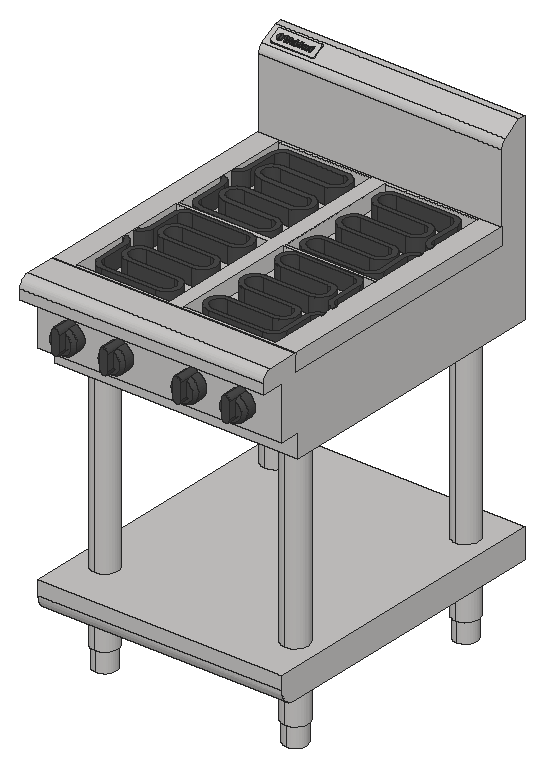
Revit family "QF_MOFFAT WALDORF_RN8400E-LS", category Specialty Equipment, Revit 2012
Parameters
  Weight in Pounds = 163.1419
  Watts = 9600 W
  Volts = 415 V
  URL Cutsheet = "www.moffat.com"
  URL = "www.moffat.com"
  Type Mark [instance] = ""
  Status [instance] = ""
  Specification by User [instance] = ""
  Specification by Manufacturer = ""
  Show Logo [instance] = yes
  Show Casters [instance] = no
  Serial Number = ""
  Seismic Rating = ""
  SMACNA No = ""
  Revision Code [instance] = ""
  Phase = 2
  Omniclass Number and Title = ""
  Number of Poles = 1
  NAFEM Spec ID Number = ""
  Model = "RN8400E-LS"
  Min Ckt Ampacity = 0 A
  Max Overcurrent Protection = 0 A
  Masterspec = ""
  Manufacturer = "MOFFAT WALDORF"
  Legs [instance] = not(Show Casters)  # yes
  Item Number [instance] = ""
  Installed By [instance] = ""
  Identify Quantity as Lot [instance] = yes
  HP = ""
  Furnished By [instance] = ""
  Foodservice Equipment Identifier [instance] = yes
  FL Amps = 20 A
  Elec Conn RI Height = 0 mm
  Elec Conn Connection Height = 0 mm
  Description = "COOK TOP ELECTRIC ON LEG STAND"
  Cycle = 50 Hz
  Conn Plug = ""
  Conn Conduit = yes
  CSI MasterFormat = ""
  CSI Master Format = ""
  Base Height [instance] = 150 mm
  Apparent Power = if(Phase = 3, Volts * FL Amps * 1.73, Volts * FL Amps)  # 8300 VA
Reference planes
  plane 1 "BACK": y = 0
  plane 2: z = 0
  plane 3 "LEFT": x = 0
  plane 4 "RIGHT": x = 600
  plane 5 "FRONT": y = -805
  plane 6 "TOP": z = 1130
  plane 7 "Center Y": x = 300
  plane 8 "Center X": y = -402.5
  plane 9 "Base Height": z = 150
  plane 10: z = 915
  plane 11: x = 65.8
  plane 12: y = -32
  plane 13: z = 710
  plane 14: x = 470
Forms (mm)
  Extrusion 1, solid, material "QF_Finishes_Stainless Steel"
    sketch origin (0, 0, 600) x (0, 1, 0) y (0, 0, 1)
      loop
        line (-805, 291) -> (-805, 266) -> (-749, 266) -> (-749, 135.938) -> (-699, 135.938) -> (-699, 80) -> (0, 80) -> (0, 530) -> (-16.5, 530) -> (-58.709, 505.631)
        arc (-58.709, 505.631) -> (-66.975, 497.365) -> (-70, 486.074) r 22.582
        line (-70, 486.074) -> (-70, 275) -> (-705, 275) -> (-705, 315) -> (-781, 315)
        arc (-781, 315) -> (-797.971, 307.971) -> (-805, 291) r 24
      loop
        line (0, -377.5) -> (-749, -377.5) -> (-749, -412)
        arc (-749, -412) -> (-737.87, -438.87) -> (-711, -450) r 38
        line (-711, -450) -> (0, -450) -> (0, -377.5)
    from 0 to 600
  Revolve 2, solid, material "QF_Finishes_Black"
    sketch origin (210, 0, 600) x (0, -1, 0) y (0, 0, 1)
      loop
        line (782, 229.605) -> (759, 229.605) -> (759, 202.105) -> (749, 202.105) -> (749, 197.105) -> (793, 197.105) -> (793, 223.757) -> (782, 229.605)
      axis (793, 197.105) -> (749, 197.105)
    angle from 0 to 360
  Extrusion 3, solid, material "QF_Finishes_Black"
    sketch origin (71.569, 0, 496.003) x (1, 0, 0) y (0, 0, 1)
      loop
        line (148.431, 289) -> (148.431, 327.997)
        arc (148.431, 327.997) -> (138.431, 337.997) -> (128.431, 327.997) r 10
        line (128.431, 327.997) -> (128.431, 289)
        arc (128.431, 289) -> (138.431, 279) -> (148.431, 289) r 10
    from 759 to 808
  Revolve 4, solid, material "QF_Finishes_Black"
    sketch origin (89.999, 0, 599.873) x (0, 1, 0) y (0, 0, -1)
      loop
        line (-782, -229.5) -> (-759, -229.5) -> (-759, -202) -> (-749, -202) -> (-749, -197) -> (-793, -197) -> (-793, -223.651) -> (-782, -229.5)
      axis (-793, -197) -> (-749, -197)
    angle from 0 to 360
  Extrusion 5, solid, material "QF_Finishes_Black"
    sketch origin (228.269, 0, 600.031) x (-1, 0, 0) y (0, 0, -1)
      loop
        arc (148.269, -184.969) -> (138.269, -174.969) -> (128.269, -184.969) r 10
        line (128.269, -184.969) -> (128.269, -223.969)
        arc (128.269, -223.969) -> (138.269, -233.969) -> (148.269, -223.969) r 10
        line (148.269, -223.969) -> (148.269, -184.969)
    from 759 to 808
  Extrusion 6, solid, material "QF_Finishes_Stainless Steel"
    sketch origin (0, -70, 875) x (0, -1, 0) y (1, 0, 0)
      loop
        line (1, 0) -> (635, 0) -> (635, 600) -> (1, 600) -> (1, 0)
      loop
        line (628.25, 54) -> (628.25, 282.75) -> (321.3, 282.75) -> (321.3, 54) -> (628.25, 54)
      loop
        line (6.75, 54) -> (313.7, 54) -> (313.7, 282.75) -> (6.75, 282.75) -> (6.75, 54)
      loop
        line (6.75, 317.25) -> (313.7, 317.25) -> (313.7, 546) -> (6.75, 546) -> (6.75, 317.25)
      loop
        line (628.25, 317.25) -> (628.25, 546) -> (321.3, 546) -> (321.3, 317.25) -> (628.25, 317.25)
    from 0 to 40
  Extrusion 7, solid, material "QF_Finishes_Black"
    sketch origin (0, -70, 875) x (0, -1, 0) y (1, 0, 0)
      loop
        arc (20.503, 102.138) -> (29.265, 78.692) -> (52.032, 68.293) r 32.731
        line (52.032, 68.293) -> (123.291, 68.293)
        arc (123.291, 68.293) -> (134.915, 64.189) -> (141.853, 54) r 19.786
        line (141.853, 54) -> (154.156, 54)
        arc (154.156, 54) -> (143.507, 72.673) -> (123.41, 80.3) r 31.79
        line (123.41, 80.3) -> (52.272, 80.3)
        arc (52.272, 80.3) -> (37.925, 87.003) -> (32.5, 101.881) r 20.722
        line (32.5, 101.881) -> (32.5, 234.6)
        arc (32.5, 234.6) -> (54.2, 256.3) -> (75.9, 234.6) r 21.7
        line (75.9, 234.6) -> (75.9, 122)
        arc (75.9, 122) -> (109.6, 88.3) -> (143.3, 122) r 33.7
        line (143.3, 122) -> (143.3, 234.6)
        arc (143.3, 234.6) -> (165, 256.3) -> (186.7, 234.6) r 21.7
        line (186.7, 234.6) -> (186.7, 122)
        arc (186.7, 122) -> (220.4, 88.3) -> (254.1, 122) r 33.7
        line (254.1, 122) -> (254.1, 234.6)
        arc (254.1, 234.6) -> (275.8, 256.3) -> (297.5, 234.6) r 21.7
        line (297.5, 234.6) -> (297.5, 101.881)
        arc (297.5, 101.881) -> (292.075, 87.003) -> (277.728, 80.3) r 20.722
        line (277.728, 80.3) -> (206.584, 80.3)
        arc (206.584, 80.3) -> (186.467, 72.659) -> (175.749, 54) r 31.973
        line (175.749, 54) -> (188.064, 54)
        arc (188.064, 54) -> (195.064, 64.184) -> (206.716, 68.3) r 19.973
        line (206.716, 68.3) -> (277.967, 68.3)
        arc (277.967, 68.3) -> (300.725, 78.682) -> (309.5, 102.106) r 32.722
        line (309.5, 102.106) -> (309.5, 234.6)
        arc (309.5, 234.6) -> (275.8, 268.3) -> (242.1, 234.6) r 33.7
        line (242.1, 234.6) -> (242.1, 122)
        arc (242.1, 122) -> (220.4, 100.3) -> (198.7, 122) r 21.7
        line (198.7, 122) -> (198.7, 234.6)
        arc (198.7, 234.6) -> (165, 268.3) -> (131.3, 234.6) r 33.7
        line (131.3, 234.6) -> (131.3, 122)
        arc (131.3, 122) -> (109.6, 100.3) -> (87.9, 122) r 21.7
        line (87.9, 122) -> (87.9, 234.6)
        arc (87.9, 234.6) -> (54.202, 268.298) -> (20.503, 234.6) r 33.698
        line (20.503, 234.6) -> (20.503, 102.138)
      loop
        arc (320.503, 102.138) -> (329.265, 78.692) -> (352.032, 68.293) r 32.731
        line (352.032, 68.293) -> (423.291, 68.293)
        arc (423.291, 68.293) -> (434.915, 64.189) -> (441.853, 54) r 19.786
        line (441.853, 54) -> (454.156, 54)
        arc (454.156, 54) -> (443.507, 72.673) -> (423.41, 80.3) r 31.79
        line (423.41, 80.3) -> (352.272, 80.3)
        arc (352.272, 80.3) -> (337.925, 87.003) -> (332.5, 101.881) r 20.722
        line (332.5, 101.881) -> (332.5, 234.6)
        arc (332.5, 234.6) -> (354.2, 256.3) -> (375.9, 234.6) r 21.7
        line (375.9, 234.6) -> (375.9, 122)
        arc (375.9, 122) -> (409.6, 88.3) -> (443.3, 122) r 33.7
        line (443.3, 122) -> (443.3, 234.6)
        arc (443.3, 234.6) -> (465, 256.3) -> (486.7, 234.6) r 21.7
        line (486.7, 234.6) -> (486.7, 122)
        arc (486.7, 122) -> (520.4, 88.3) -> (554.1, 122) r 33.7
        line (554.1, 122) -> (554.1, 234.6)
        arc (554.1, 234.6) -> (575.8, 256.3) -> (597.5, 234.6) r 21.7
        line (597.5, 234.6) -> (597.5, 101.881)
        arc (597.5, 101.881) -> (592.075, 87.003) -> (577.728, 80.3) r 20.722
        line (577.728, 80.3) -> (506.584, 80.3)
        arc (506.584, 80.3) -> (486.467, 72.659) -> (475.749, 54) r 31.973
        line (475.749, 54) -> (488.064, 54)
        arc (488.064, 54) -> (495.064, 64.184) -> (506.716, 68.3) r 19.973
        line (506.716, 68.3) -> (577.967, 68.3)
        arc (577.967, 68.3) -> (600.725, 78.682) -> (609.5, 102.106) r 32.722
        line (609.5, 102.106) -> (609.5, 234.6)
        arc (609.5, 234.6) -> (575.8, 268.3) -> (542.1, 234.6) r 33.7
        line (542.1, 234.6) -> (542.1, 122)
        arc (542.1, 122) -> (520.4, 100.3) -> (498.7, 122) r 21.7
        line (498.7, 122) -> (498.7, 234.6)
        arc (498.7, 234.6) -> (465, 268.3) -> (431.3, 234.6) r 33.7
        line (431.3, 234.6) -> (431.3, 122)
        arc (431.3, 122) -> (409.6, 100.3) -> (387.9, 122) r 21.7
        line (387.9, 122) -> (387.9, 234.6)
        arc (387.9, 234.6) -> (354.202, 268.298) -> (320.503, 234.6) r 33.698
        line (320.503, 234.6) -> (320.503, 102.138)
      loop
        line (20.503, 497.862) -> (20.503, 365.4)
        arc (20.503, 365.4) -> (54.202, 331.702) -> (87.9, 365.4) r 33.698
        line (87.9, 365.4) -> (87.9, 478)
        arc (87.9, 478) -> (109.6, 499.7) -> (131.3, 478) r 21.7
        line (131.3, 478) -> (131.3, 365.4)
        arc (131.3, 365.4) -> (165, 331.7) -> (198.7, 365.4) r 33.7
        line (198.7, 365.4) -> (198.7, 478)
        arc (198.7, 478) -> (220.4, 499.7) -> (242.1, 478) r 21.7
        line (242.1, 478) -> (242.1, 365.4)
        arc (242.1, 365.4) -> (275.8, 331.7) -> (309.5, 365.4) r 33.7
        line (309.5, 365.4) -> (309.5, 497.894)
        arc (309.5, 497.894) -> (300.725, 521.318) -> (277.967, 531.7) r 32.722
        line (277.967, 531.7) -> (206.716, 531.7)
        arc (206.716, 531.7) -> (195.064, 535.816) -> (188.064, 546) r 19.973
        line (188.064, 546) -> (175.749, 546)
        arc (175.749, 546) -> (186.467, 527.341) -> (206.584, 519.7) r 31.973
        line (206.584, 519.7) -> (277.728, 519.7)
        arc (277.728, 519.7) -> (292.075, 512.997) -> (297.5, 498.119) r 20.722
        line (297.5, 498.119) -> (297.5, 365.4)
        arc (297.5, 365.4) -> (275.8, 343.7) -> (254.1, 365.4) r 21.7
        line (254.1, 365.4) -> (254.1, 478)
        arc (254.1, 478) -> (220.4, 511.7) -> (186.7, 478) r 33.7
        line (186.7, 478) -> (186.7, 365.4)
        arc (186.7, 365.4) -> (165, 343.7) -> (143.3, 365.4) r 21.7
        line (143.3, 365.4) -> (143.3, 478)
        arc (143.3, 478) -> (109.6, 511.7) -> (75.9, 478) r 33.7
        line (75.9, 478) -> (75.9, 365.4)
        arc (75.9, 365.4) -> (54.2, 343.7) -> (32.5, 365.4) r 21.7
        line (32.5, 365.4) -> (32.5, 498.119)
        arc (32.5, 498.119) -> (37.925, 512.997) -> (52.272, 519.7) r 20.722
        line (52.272, 519.7) -> (123.41, 519.7)
        arc (123.41, 519.7) -> (143.507, 527.327) -> (154.156, 546) r 31.79
        line (154.156, 546) -> (141.853, 546)
        arc (141.853, 546) -> (134.915, 535.811) -> (123.291, 531.707) r 19.786
        line (123.291, 531.707) -> (52.032, 531.707)
        arc (52.032, 531.707) -> (29.265, 521.308) -> (20.503, 497.862) r 32.731
      loop
        line (320.503, 497.862) -> (320.503, 365.4)
        arc (320.503, 365.4) -> (354.202, 331.702) -> (387.9, 365.4) r 33.698
        line (387.9, 365.4) -> (387.9, 478)
        arc (387.9, 478) -> (409.6, 499.7) -> (431.3, 478) r 21.7
        line (431.3, 478) -> (431.3, 365.4)
        arc (431.3, 365.4) -> (465, 331.7) -> (498.7, 365.4) r 33.7
        line (498.7, 365.4) -> (498.7, 478)
        arc (498.7, 478) -> (520.4, 499.7) -> (542.1, 478) r 21.7
        line (542.1, 478) -> (542.1, 365.4)
        arc (542.1, 365.4) -> (575.8, 331.7) -> (609.5, 365.4) r 33.7
        line (609.5, 365.4) -> (609.5, 497.894)
        arc (609.5, 497.894) -> (600.725, 521.318) -> (577.967, 531.7) r 32.722
        line (577.967, 531.7) -> (506.716, 531.7)
        arc (506.716, 531.7) -> (495.064, 535.816) -> (488.064, 546) r 19.973
        line (488.064, 546) -> (475.749, 546)
        arc (475.749, 546) -> (486.467, 527.341) -> (506.584, 519.7) r 31.973
        line (506.584, 519.7) -> (577.728, 519.7)
        arc (577.728, 519.7) -> (592.075, 512.997) -> (597.5, 498.119) r 20.722
        line (597.5, 498.119) -> (597.5, 365.4)
        arc (597.5, 365.4) -> (575.8, 343.7) -> (554.1, 365.4) r 21.7
        line (554.1, 365.4) -> (554.1, 478)
        arc (554.1, 478) -> (520.4, 511.7) -> (486.7, 478) r 33.7
        line (486.7, 478) -> (486.7, 365.4)
        arc (486.7, 365.4) -> (465, 343.7) -> (443.3, 365.4) r 21.7
        line (443.3, 365.4) -> (443.3, 478)
        arc (443.3, 478) -> (409.6, 511.7) -> (375.9, 478) r 33.7
        line (375.9, 478) -> (375.9, 365.4)
        arc (375.9, 365.4) -> (354.2, 343.7) -> (332.5, 365.4) r 21.7
        line (332.5, 365.4) -> (332.5, 498.119)
        arc (332.5, 498.119) -> (337.925, 512.997) -> (352.272, 519.7) r 20.722
        line (352.272, 519.7) -> (423.41, 519.7)
        arc (423.41, 519.7) -> (443.507, 527.327) -> (454.156, 546) r 31.79
        line (454.156, 546) -> (441.853, 546)
        arc (441.853, 546) -> (434.915, 535.811) -> (423.291, 531.707) r 19.786
        line (423.291, 531.707) -> (352.032, 531.707)
        arc (352.032, 531.707) -> (329.265, 521.308) -> (320.503, 497.862) r 32.731
    from 0 to 40
  Revolve 8, solid, material "QF_Finishes_Black"
    sketch origin (510, 0, 600) x (0, -1, 0) y (0, 0, 1)
      loop
        line (782, 229.605) -> (759, 229.605) -> (759, 202.105) -> (749, 202.105) -> (749, 197.105) -> (793, 197.105) -> (793, 223.757) -> (782, 229.605)
      axis (793, 197.105) -> (749, 197.105)
    angle from 0 to 360
  Extrusion 9, solid, material "QF_Finishes_Black"
    sketch origin (371.569, 0, 496.003) x (1, 0, 0) y (0, 0, 1)
      loop
        line (148.431, 289) -> (148.431, 327.997)
        arc (148.431, 327.997) -> (138.431, 337.997) -> (128.431, 327.997) r 10
        line (128.431, 327.997) -> (128.431, 289)
        arc (128.431, 289) -> (138.431, 279) -> (148.431, 289) r 10
    from 759 to 808
  Revolve 10, solid, material "QF_Finishes_Black"
    sketch origin (389.999, 0, 599.873) x (0, 1, 0) y (0, 0, -1)
      loop
        line (-782, -229.5) -> (-759, -229.5) -> (-759, -202) -> (-749, -202) -> (-749, -197) -> (-793, -197) -> (-793, -223.651) -> (-782, -229.5)
      axis (-793, -197) -> (-749, -197)
    angle from 0 to 360
  Extrusion 11, solid, material "QF_Finishes_Black"
    sketch origin (528.269, 0, 600.031) x (-1, 0, 0) y (0, 0, -1)
      loop
        arc (148.269, -184.969) -> (138.269, -174.969) -> (128.269, -184.969) r 10
        line (128.269, -184.969) -> (128.269, -223.969)
        arc (128.269, -223.969) -> (138.269, -233.969) -> (148.269, -223.969) r 10
        line (148.269, -223.969) -> (148.269, -184.969)
    from 759 to 808
  Extrusion 12, solid, material "QF_Finishes_Stainless Steel"
    sketch origin (0, 0, 222.5) x (0, -1, 0) y (1, 0, 0)
      loop
        circle (100, 65) r 31.75
      loop
        circle (625, 65) r 31.75
      loop
        circle (100, 535) r 31.75
      loop
        circle (625, 535) r 31.75
    from 0 to 457.5
  Revolve 13, solid, material "QF_Finishes_Stainless Steel", visible <- "Legs"
    sketch origin (65, -165, 0) x (0, 1, 0) y (0, 0, 1)
      loop
        line (33.25, 150) -> (33.25, 50) -> (37.5, 50) -> (37.5, 0) -> (65, 0) -> (65, 150) -> (33.25, 150)
      axis (65, 150) -> (65, 0)
    angle from 0 to 360
  Revolve 14, solid, material "QF_Finishes_Stainless Steel"
    sketch origin (65, -735, 0) x (0, 1, 0) y (0, 0, 1)
      loop
        line (78.25, 150) -> (78.25, 50) -> (82.5, 50) -> (82.5, 0) -> (110, 0) -> (110, 150) -> (78.25, 150)
      axis (110, 150) -> (110, 0)
    angle from 0 to 360
  Revolve 15, solid, material "QF_Finishes_Stainless Steel", visible <- "Legs"
    sketch origin (535, -165, 0) x (0, 1, 0) y (0, 0, -1)
      loop
        line (33.25, -150) -> (65, -150) -> (65, 0) -> (37.5, 0) -> (37.5, -50) -> (33.25, -50) -> (33.25, -150)
      axis (65, -150) -> (65, 0)
    angle from 0 to 360
  Revolve 16, solid, material "QF_Finishes_Stainless Steel"
    sketch origin (535, -735, 0) x (0, 1, 0) y (0, 0, -1)
      loop
        line (78.25, -150) -> (110, -150) -> (110, 0) -> (82.5, 0) -> (82.5, -50) -> (78.25, -50) -> (78.25, -150)
      axis (110, -150) -> (110, 0)
    angle from 0 to 360
  Extrusion 17, void
    sketch origin (0, 0, 680) x (-1, 0, 0) y (0, 1, 0)
      loop
        circle (-470, -32) r 6.35
    from -30 to 12.949
Cuts and joins
  Extrusion 17 cuts Extrusion 1
Lines and regions (mm)
  Split face 1
    outline origin (22.5, -19.748, 1128.125) x (0, -0.866025, -0.5) y (1, 0, 0)
      loop
        line (1.427, 105.5) -> (35.836, 105.5) -> (35.836, 125.5) -> (1.427, 125.5) -> (1.427, 105.5)
  Split face 2
    outline origin (49.289, -19.748, 1128.125) x (0, -0.866025, -0.5) y (1, 0, 0)
      loop
        line (1.427, 105.5) -> (35.836, 105.5) -> (35.836, 125.5) -> (1.427, 125.5) -> (1.427, 105.5)
  Split face 3
    outline origin (76.967, -19.748, 1128.125) x (0, -0.866025, -0.5) y (1, 0, 0)
      loop
        line (1.427, 105.5) -> (35.836, 105.5) -> (35.836, 125.5) -> (1.427, 125.5) -> (1.427, 105.5)
  Split face 4
    outline origin (103.591, -19.748, 1128.125) x (0, -0.866025, -0.5) y (1, 0, 0)
      loop
        line (1.427, 105.5) -> (35.836, 105.5) -> (35.836, 125.5) -> (1.427, 125.5) -> (1.427, 105.5)
  Split face 5
    outline origin (130.215, -19.748, 1128.125) x (0, -0.866025, -0.5) y (1, 0, 0)
      loop
        line (1.427, 105.5) -> (35.836, 105.5) -> (35.836, 125.5) -> (1.427, 125.5) -> (1.427, 105.5)
  Split face 6
    outline origin (157.366, -19.748, 1128.125) x (0, -0.866025, -0.5) y (1, 0, 0)
      loop
        line (1.427, 105.5) -> (35.836, 105.5) -> (35.836, 125.5) -> (1.427, 125.5) -> (1.427, 105.5)
  Split face 7
    outline origin (184.781, -19.748, 1128.125) x (0, -0.866025, -0.5) y (1, 0, 0)
      loop
        line (1.427, 105.5) -> (35.836, 105.5) -> (35.836, 125.5) -> (1.427, 125.5) -> (1.427, 105.5)
  Split face 8
    outline origin (211.405, -19.748, 1128.125) x (0, -0.866025, -0.5) y (1, 0, 0)
      loop
        line (1.427, 105.5) -> (35.836, 105.5) -> (35.836, 125.5) -> (1.427, 125.5) -> (1.427, 105.5)
  Split face 9
    outline origin (238.292, -19.748, 1128.125) x (0, -0.866025, -0.5) y (1, 0, 0)
      loop
        line (1.427, 105.5) -> (35.836, 105.5) -> (35.836, 125.5) -> (1.427, 125.5) -> (1.427, 105.5)
  Split face 10
    outline origin (265.971, -19.748, 1128.125) x (0, -0.866025, -0.5) y (1, 0, 0)
      loop
        line (1.427, 105.5) -> (35.836, 105.5) -> (35.836, 125.5) -> (1.427, 125.5) -> (1.427, 105.5)
  Split face 11
    outline origin (292.533, -19.748, 1128.125) x (0, -0.866025, -0.5) y (1, 0, 0)
      loop
        line (1.427, 105.5) -> (35.836, 105.5) -> (35.836, 125.5) -> (1.427, 125.5) -> (1.427, 105.5)
  Split face 12
    outline origin (319.444, -19.748, 1128.125) x (0, -0.866025, -0.5) y (1, 0, 0)
      loop
        line (1.427, 105.5) -> (35.836, 105.5) -> (35.836, 125.5) -> (1.427, 125.5) -> (1.427, 105.5)
  Split face 13
    outline origin (346.271, -19.748, 1128.125) x (0, -0.866025, -0.5) y (1, 0, 0)
      loop
        line (1.427, 105.5) -> (35.836, 105.5) -> (35.836, 125.5) -> (1.427, 125.5) -> (1.427, 105.5)
  symbolic lines
    curve 1: line (0, 0, 0) -> (0, -805, 0)
    curve 2: line (600, 0, 0) -> (0, 0, 0)
    curve 3: line (600, -805, 0) -> (600, 0, 0)
    curve 4: line (0, -70, 0) -> (600, -70, 0)
    curve 5: line (0, -805, 0) -> (600, -805, 0)
    curve 10: line (600, -705, 0) -> (0, -705, 0)
    curve 11: line (128, -50.782, 0) -> (128, -20.984, 0)
    curve 12: line (128, -20.984, 0) -> (148, -20.984, 0)
    curve 13: line (148, -20.984, 0) -> (148, -50.782, 0)
    curve 14: line (148, -50.782, 0) -> (128, -50.782, 0)
    curve 15: line (154.789, -50.782, 0) -> (154.789, -20.984, 0)
    curve 16: line (154.789, -20.984, 0) -> (174.789, -20.984, 0)
    curve 17: line (174.789, -20.984, 0) -> (174.789, -50.782, 0)
    curve 18: line (174.789, -50.782, 0) -> (154.789, -50.782, 0)
    curve 19: line (182.467, -20.984, 0) -> (202.467, -20.984, 0)
    curve 20: line (202.467, -20.984, 0) -> (202.467, -50.782, 0)
    curve 21: line (202.467, -50.782, 0) -> (182.467, -50.782, 0)
    curve 22: line (182.467, -50.782, 0) -> (182.467, -20.984, 0)
    curve 23: line (229.091, -20.984, 0) -> (209.091, -20.984, 0)
    curve 24: line (209.091, -20.984, 0) -> (209.091, -50.782, 0)
    curve 25: line (209.091, -50.782, 0) -> (229.091, -50.782, 0)
    curve 26: line (229.091, -50.782, 0) -> (229.091, -20.984, 0)
    curve 27: line (255.715, -20.984, 0) -> (235.715, -20.984, 0)
    curve 28: line (235.715, -20.984, 0) -> (235.715, -50.782, 0)
    curve 29: line (235.715, -50.782, 0) -> (255.715, -50.782, 0)
    curve 30: line (255.715, -50.782, 0) -> (255.715, -20.984, 0)
    curve 31: line (282.866, -20.984, 0) -> (262.866, -20.984, 0)
    curve 32: line (262.866, -20.984, 0) -> (262.866, -50.782, 0)
    curve 33: line (262.866, -50.782, 0) -> (282.866, -50.782, 0)
    curve 34: line (282.866, -50.782, 0) -> (282.866, -20.984, 0)
    curve 35: line (310.281, -20.984, 0) -> (290.281, -20.984, 0)
    curve 36: line (290.281, -20.984, 0) -> (290.281, -50.782, 0)
    curve 37: line (290.281, -50.782, 0) -> (310.281, -50.782, 0)
    curve 38: line (310.281, -50.782, 0) -> (310.281, -20.984, 0)
    curve 39: line (316.905, -20.984, 0) -> (336.905, -20.984, 0)
    curve 40: line (336.905, -20.984, 0) -> (336.905, -50.782, 0)
    curve 41: line (336.905, -50.782, 0) -> (316.905, -50.782, 0)
    curve 42: line (316.905, -50.782, 0) -> (316.905, -20.984, 0)
    curve 43: line (363.792, -20.984, 0) -> (343.792, -20.984, 0)
    curve 44: line (343.792, -20.984, 0) -> (343.792, -50.782, 0)
    curve 45: line (343.792, -50.782, 0) -> (363.792, -50.782, 0)
    curve 46: line (363.792, -50.782, 0) -> (363.792, -20.984, 0)
    curve 47: line (371.471, -50.782, 0) -> (391.471, -50.782, 0)
    curve 48: line (391.471, -50.782, 0) -> (391.471, -20.984, 0)
    curve 49: line (391.471, -20.984, 0) -> (371.471, -20.984, 0)
    curve 50: line (371.471, -20.984, 0) -> (371.471, -50.782, 0)
    curve 51: line (398.033, -50.782, 0) -> (418.033, -50.782, 0)
    curve 52: line (418.033, -50.782, 0) -> (418.033, -20.984, 0)
    curve 53: line (418.033, -20.984, 0) -> (398.033, -20.984, 0)
    curve 54: line (398.033, -20.984, 0) -> (398.033, -50.782, 0)
    curve 55: line (444.944, -50.782, 0) -> (424.944, -50.782, 0)
    curve 56: line (424.944, -50.782, 0) -> (424.944, -20.984, 0)
    curve 57: line (424.944, -20.984, 0) -> (444.944, -20.984, 0)
    curve 58: line (444.944, -20.984, 0) -> (444.944, -50.782, 0)
    curve 59: line (451.771, -50.782, 0) -> (471.771, -50.782, 0)
    curve 60: line (471.771, -50.782, 0) -> (471.771, -20.984, 0)
    curve 61: line (471.771, -20.984, 0) -> (451.771, -20.984, 0)
    curve 62: line (451.771, -20.984, 0) -> (451.771, -50.782, 0)
    curve 63: line (54, -705, 0) -> (54, -70, 0)
    curve 64: line (546, -71, 0) -> (546, -705, 0)
    curve 65: line (282.75, -70, 0) -> (282.75, -705, 0)
    curve 66: line (317.25, -705, 0) -> (317.25, -70, 0)
    curve 67: line (54, -387.5, 0) -> (546, -387.5, 0)
    curve 68: arc (102.029, -96.503, 0) -> (82.856, -103.586, 0) -> (74.293, -122.146, 0) r 26.731
    curve 69: line (234.6, -96.503, 0) -> (102.029, -96.503, 0)
    curve 70: line (74.293, -122.146, 0) -> (74.293, -193.354, 0)
    curve 71: arc (74.293, -193.354, 0) -> (68.431, -209.219, 0) -> (54, -218.038, 0) r 25.786
    curve 72: arc (234.6, -151.9, 0) -> (262.298, -124.202, 0) -> (234.6, -96.503, 0) r 27.698
    curve 73: line (122, -151.9, 0) -> (234.6, -151.9, 0)
    curve 74: arc (122, -207.3, 0) -> (94.3, -179.6, 0) -> (122, -151.9, 0) r 27.7
    curve 75: line (234.6, -207.3, 0) -> (122, -207.3, 0)
    curve 76: arc (234.6, -262.7, 0) -> (262.3, -235, 0) -> (234.6, -207.3, 0) r 27.7
    curve 77: line (122, -262.7, 0) -> (234.6, -262.7, 0)
    curve 78: arc (122, -318.1, 0) -> (94.3, -290.4, 0) -> (122, -262.7, 0) r 27.7
    curve 79: line (234.6, -318.1, 0) -> (122, -318.1, 0)
    curve 80: arc (234.6, -373.5, 0) -> (262.3, -345.8, 0) -> (234.6, -318.1, 0) r 27.7
    curve 81: line (102, -373.5, 0) -> (234.6, -373.5, 0)
    curve 82: arc (74.3, -347.854, 0) -> (82.847, -366.405, 0) -> (102, -373.5, 0) r 26.722
    curve 83: line (74.3, -276.646, 0) -> (74.3, -347.854, 0)
    curve 84: arc (54, -251.869, 0) -> (68.424, -260.755, 0) -> (74.3, -276.646, 0) r 25.973
    curve 85: arc (102.029, -396.503, 0) -> (82.856, -403.586, 0) -> (74.293, -422.146, 0) r 26.731
    curve 86: line (234.6, -396.503, 0) -> (102.029, -396.503, 0)
    curve 87: line (74.293, -422.146, 0) -> (74.293, -493.354, 0)
    curve 88: arc (74.293, -493.354, 0) -> (68.431, -509.219, 0) -> (54, -518.038, 0) r 25.786
    curve 89: arc (234.6, -451.9, 0) -> (262.298, -424.202, 0) -> (234.6, -396.503, 0) r 27.698
    curve 90: line (122, -451.9, 0) -> (234.6, -451.9, 0)
    curve 91: arc (122, -507.3, 0) -> (94.3, -479.6, 0) -> (122, -451.9, 0) r 27.7
    curve 92: line (234.6, -507.3, 0) -> (122, -507.3, 0)
    curve 93: arc (234.6, -562.7, 0) -> (262.3, -535, 0) -> (234.6, -507.3, 0) r 27.7
    curve 94: line (122, -562.7, 0) -> (234.6, -562.7, 0)
    curve 95: arc (122, -618.1, 0) -> (94.3, -590.4, 0) -> (122, -562.7, 0) r 27.7
    curve 96: line (234.6, -618.1, 0) -> (122, -618.1, 0)
    curve 97: arc (234.6, -673.5, 0) -> (262.3, -645.8, 0) -> (234.6, -618.1, 0) r 27.7
    curve 98: line (102, -673.5, 0) -> (234.6, -673.5, 0)
    curve 99: arc (74.3, -647.854, 0) -> (82.847, -666.405, 0) -> (102, -673.5, 0) r 26.722
    curve 100: line (74.3, -576.646, 0) -> (74.3, -647.854, 0)
    curve 101: arc (54, -551.869, 0) -> (68.424, -560.755, 0) -> (74.3, -576.646, 0) r 25.973
    curve 102: arc (497.971, -96.503, 0) -> (517.144, -103.586, 0) -> (525.707, -122.146, 0) r 26.731
    curve 103: line (365.4, -96.503, 0) -> (497.971, -96.503, 0)
    curve 104: line (525.707, -122.146, 0) -> (525.707, -193.354, 0)
    curve 105: arc (525.707, -193.354, 0) -> (531.569, -209.219, 0) -> (546, -218.038, 0) r 25.786
    curve 106: arc (365.4, -151.9, 0) -> (337.702, -124.202, 0) -> (365.4, -96.503, 0) r 27.698
    curve 107: line (478, -151.9, 0) -> (365.4, -151.9, 0)
    curve 108: arc (478, -207.3, 0) -> (505.7, -179.6, 0) -> (478, -151.9, 0) r 27.7
    curve 109: line (365.4, -207.3, 0) -> (478, -207.3, 0)
    curve 110: arc (365.4, -262.7, 0) -> (337.7, -235, 0) -> (365.4, -207.3, 0) r 27.7
    curve 111: line (478, -262.7, 0) -> (365.4, -262.7, 0)
    curve 112: arc (478, -318.1, 0) -> (505.7, -290.4, 0) -> (478, -262.7, 0) r 27.7
    curve 113: line (365.4, -318.1, 0) -> (478, -318.1, 0)
    curve 114: arc (365.4, -373.5, 0) -> (337.7, -345.8, 0) -> (365.4, -318.1, 0) r 27.7
    curve 115: line (498, -373.5, 0) -> (365.4, -373.5, 0)
    curve 116: arc (525.7, -347.854, 0) -> (517.153, -366.405, 0) -> (498, -373.5, 0) r 26.722
    curve 117: line (525.7, -276.646, 0) -> (525.7, -347.854, 0)
    curve 118: arc (546, -251.869, 0) -> (531.576, -260.755, 0) -> (525.7, -276.646, 0) r 25.973
    curve 119: arc (497.971, -396.503, 0) -> (517.144, -403.586, 0) -> (525.707, -422.146, 0) r 26.731
    curve 120: line (365.4, -396.503, 0) -> (497.971, -396.503, 0)
    curve 121: line (525.707, -422.146, 0) -> (525.707, -493.354, 0)
    curve 122: arc (525.707, -493.354, 0) -> (531.569, -509.219, 0) -> (546, -518.038, 0) r 25.786
    curve 123: arc (365.4, -451.9, 0) -> (337.702, -424.202, 0) -> (365.4, -396.503, 0) r 27.698
    curve 124: line (478, -451.9, 0) -> (365.4, -451.9, 0)
    curve 125: arc (478, -507.3, 0) -> (505.7, -479.6, 0) -> (478, -451.9, 0) r 27.7
    curve 126: line (365.4, -507.3, 0) -> (478, -507.3, 0)
    curve 127: arc (365.4, -562.7, 0) -> (337.7, -535, 0) -> (365.4, -507.3, 0) r 27.7
    curve 128: line (478, -562.7, 0) -> (365.4, -562.7, 0)
    curve 129: arc (478, -618.1, 0) -> (505.7, -590.4, 0) -> (478, -562.7, 0) r 27.7
    curve 130: line (365.4, -618.1, 0) -> (478, -618.1, 0)
    curve 131: arc (365.4, -673.5, 0) -> (337.7, -645.8, 0) -> (365.4, -618.1, 0) r 27.7
    curve 132: line (498, -673.5, 0) -> (365.4, -673.5, 0)
    curve 133: arc (525.7, -647.854, 0) -> (517.153, -666.405, 0) -> (498, -673.5, 0) r 26.722
    curve 134: line (525.7, -576.646, 0) -> (525.7, -647.854, 0)
    curve 135: arc (546, -551.869, 0) -> (531.576, -560.755, 0) -> (525.7, -576.646, 0) r 25.973
  symbolic lines, visible <- "Show Logo"
    curve 6: line (12.5, -51.234, 0) -> (12.5, -20.958, 0)
    curve 7: line (12.5, -20.958, 0) -> (121.5, -20.958, 0)
    curve 8: line (12.5, -51.234, 0) -> (121.5, -51.234, 0)
    curve 9: line (121.5, -20.958, 0) -> (121.5, -51.234, 0)
Dimensions and locks
  equal spacing: plane 3 "LEFT", plane 7 "Center Y", plane 4 "RIGHT"
  plane 3 "LEFT" to plane 4 "RIGHT" = 600 mm
  equal spacing: plane 5 "FRONT", plane 8 "Center X", plane 1 "BACK"
  plane 5 "FRONT" to plane 1 "BACK" = 805 mm  (x2)
  equal spacing: plane 4 "RIGHT", plane 7 "Center Y", plane 3 "LEFT"
  plane 4 "RIGHT" to plane 3 "LEFT" = 600 mm
  "Base Height": plane 9 "Base Height" to level
  plane 6 "TOP" to level = 1130 mm
  plane 10 to level = 915 mm
  locked: nested 1 to nested 1 at 17.226
  plane 6 "TOP" to nested 1 to nested 1 = 1.472 mm locked, 17.226 mm locked
  plane 12 to plane 1 "BACK" = 32 mm
  plane 13 to level = 710 mm
  plane 14 to plane 4 "RIGHT" = 130 mm
  aligned and locked: level to plane 2
  aligned and locked: curve 3 to plane 4 "RIGHT"
Automatic sketch dimensions
  plane 1 "BACK" to curve 1 = 0 mm
  curve 1 to plane 3 "LEFT" = 0 mm
  plane 5 "FRONT" to curve 5 = 0 mm
  plane 3 "LEFT" to curve 6 = 12.5 mm
  curve 83 to curve 82 = 26.701 mm
  curve 99 to curve 99 = 26.701 mm
  curve 85 to curve 85 = 26.709 mm
  curve 68 to curve 68 = 26.709 mm
  curve 99 to curve 98 = 0.999 mm
  curve 82 to curve 82 = 0.999 mm
  curve 68 to curve 69 = 1.027 mm
  plane 8 "Center X" to curve 86 = 5.997 mm
  curve 81 to curve 86 = 0.029 mm
  plane 1 "BACK" to curve 7 = 20.958 mm
  curve 82 to curve 78 = 20.999 mm
  curve 88 to curve 91 = 47.707 mm
  curve 68 to curve 74 = 20.998 mm
  curve 101 to curve 94 = 47.7 mm
  curve 7 to curve 12 = 6.5 mm
  curve 11 to curve 12 = 20 mm
  curve 12 to curve 15 = 6.789 mm
  curve 15 to curve 17 = 20 mm
  curve 17 to curve 21 = 7.678 mm
  curve 19 to curve 20 = 20 mm
  curve 20 to curve 24 = 6.624 mm
  curve 23 to curve 26 = 20 mm
  curve 89 to plane 7 "Center Y" = 65.4 mm
  curve 76 to plane 7 "Center Y" = 65.4 mm
  curve 92 to curve 89 = 0 mm
  curve 96 to curve 93 = 0 mm
  curve 81 to curve 86 = 0 mm
  curve 73 to curve 76 = 0 mm
  curve 23 to curve 28 = 6.624 mm
  curve 28 to curve 29 = 20 mm
  curve 27 to curve 32 = 7.151 mm
  curve 65 to plane 7 "Center Y" = 17.25 mm
  curve 31 to plane 7 "Center Y" = 17.134 mm
  curve 31 to curve 36 = 7.415 mm
  plane 7 "Center Y" to curve 38 = 10.281 mm
  curve 37 to curve 41 = 6.624 mm
  plane 7 "Center Y" to curve 66 = 17.25 mm
  curve 39 to curve 39 = 20 mm
  curve 39 to curve 44 = 6.888 mm
  curve 44 to curve 45 = 20 mm
  curve 45 to curve 106 = 1.608 mm
  plane 7 "Center Y" to curve 130 = 65.4 mm
  plane 7 "Center Y" to curve 126 = 65.4 mm
  plane 8 "Center X" to curve 114 = 29 mm
  plane 7 "Center Y" to curve 114 = 65.4 mm
  curve 123 to plane 8 "Center X" = 21.702 mm
  curve 123 to curve 115 = 0 mm
  curve 109 to curve 106 = 0 mm
  curve 45 to curve 47 = 7.678 mm
  curve 47 to curve 48 = 20 mm
  curve 48 to curve 54 = 6.562 mm
  curve 53 to curve 52 = 20 mm
  curve 51 to curve 56 = 6.911 mm
  curve 55 to curve 55 = 20 mm
  curve 55 to curve 59 = 6.827 mm
  curve 61 to curve 60 = 20 mm
  plane 8 "Center X" to curve 120 = 5.997 mm
  curve 119 to curve 116 = 0.029 mm
  curve 119 to plane 8 "Center X" = 20.714 mm
  curve 119 to curve 119 = 1.027 mm
  curve 102 to curve 102 = 1.027 mm
  curve 116 to curve 116 = 0.999 mm
  curve 133 to curve 133 = 0.999 mm
  curve 64 to plane 5 "FRONT" = 100 mm
  curve 63 to curve 98 = 31.5 mm
  curve 66 to curve 132 = 31.5 mm
  curve 98 to curve 99 = 25.646 mm
  curve 133 to curve 133 = 25.646 mm
  curve 97 to curve 97 = 27.7 mm
  curve 131 to curve 131 = 27.7 mm
  curve 129 to curve 129 = 27.7 mm
  curve 95 to curve 95 = 27.7 mm
  curve 129 to curve 135 = 13.184 mm
  curve 95 to curve 101 = 13.184 mm
  curve 135 to curve 135 = 0.57 mm
  curve 101 to curve 101 = 0.57 mm
  curve 94 to curve 93 = 27.7 mm
  curve 128 to curve 127 = 27.7 mm
  curve 135 to curve 122 = 33.83 mm
  curve 101 to curve 88 = 33.83 mm
  curve 122 to curve 121 = 24.684 mm
  curve 88 to curve 87 = 24.684 mm
  curve 92 to curve 91 = 27.7 mm
  curve 85 to curve 85 = 26.711 mm
  plane 8 "Center X" to curve 67 = 15 mm
  curve 86 to curve 80 = 23.003 mm
  curve 116 to curve 117 = 25.646 mm
  curve 82 to curve 82 = 25.646 mm
  curve 80 to curve 80 = 27.7 mm
  curve 114 to curve 114 = 27.7 mm
  curve 112 to curve 112 = 27.7 mm
  curve 78 to curve 78 = 27.7 mm
  curve 112 to curve 118 = 13.184 mm
  curve 78 to curve 84 = 13.184 mm
  curve 84 to curve 84 = 0.57 mm
  curve 118 to curve 118 = 0.57 mm
  curve 110 to curve 110 = 27.7 mm
  curve 76 to curve 76 = 27.7 mm
  curve 84 to curve 71 = 33.83 mm
  curve 118 to curve 105 = 33.83 mm
  curve 71 to curve 71 = 24.684 mm
  curve 105 to curve 105 = 24.684 mm
  curve 108 to curve 108 = 27.7 mm
  curve 74 to curve 74 = 27.7 mm
  curve 107 to curve 106 = 27.698 mm
  curve 73 to curve 72 = 27.698 mm
  curve 102 to curve 102 = 26.711 mm
  curve 68 to curve 68 = 26.711 mm
  curve 68 to curve 63 = 52.146 mm
  curve 102 to curve 64 = 51.146 mm
  curve 106 to curve 66 = 26.503 mm
  curve 4 to curve 8 = 18.766 mm
  plane 1 "BACK" to curve 51 = 50.782 mm
  curve 50 to curve 51 = 0 mm
  plane 1 "BACK" to curve 60 = 50.782 mm
  curve 58 to curve 59 = 0 mm
  curve 8 to curve 11 = 0.452 mm
  curve 46 to curve 47 = 0 mm
  curve 13 to curve 15 = 0 mm  (x2)
  curve 66 to curve 42 = 19.218 mm
  curve 17 to curve 20 = 0 mm
  curve 20 to curve 24 = 0 mm
  curve 25 to curve 28 = 0 mm
  curve 38 to curve 41 = 0 mm
  curve 29 to curve 32 = 0 mm
  plane 1 "BACK" to curve 34 = 20.984 mm
  plane 1 "BACK" to curve 35 = 20.984 mm
  curve 30 to curve 31 = 0 mm
  plane 1 "BACK" to curve 57 = 20.984 mm
  curve 26 to curve 27 = 0 mm
  plane 1 "BACK" to curve 54 = 20.984 mm
  curve 57 to curve 62 = 0 mm
  plane 1 "BACK" to curve 22 = 20.984 mm
  curve 35 to curve 39 = 0 mm
  curve 17 to curve 19 = 0 mm
  plane 1 "BACK" to curve 43 = 20.984 mm
  curve 48 to curve 53 = 0 mm
  plane 3 "LEFT" to curve 101 = 48.333 mm
  plane 3 "LEFT" to curve 84 = 48.333 mm
  plane 3 "LEFT" to curve 71 = 48.512 mm
  plane 3 "LEFT" to curve 88 = 48.512 mm
  plane 3 "LEFT" to curve 67 = 54 mm
  curve 88 to curve 87 = 25.781 mm
  curve 63 to curve 68 = 20.293 mm
  curve 63 to curve 100 = 20.3 mm
  curve 84 to curve 83 = 25.967 mm
  curve 69 to curve 7 = 19.471 mm
  curve 123 to curve 125 = 112.6 mm
  curve 110 to curve 111 = 112.6 mm
  curve 108 to curve 112 = 0 mm
  curve 129 to curve 125 = 0 mm
  curve 124 to curve 120 = 19.971 mm
  curve 59 to curve 103 = 26.2 mm
  curve 130 to curve 132 = 20 mm
  curve 112 to curve 118 = 47.7 mm
  curve 133 to curve 133 = 26.701 mm
  curve 102 to curve 104 = 26.709 mm
  curve 125 to curve 122 = 47.707 mm
  curve 117 to curve 118 = 20.3 mm
  curve 105 to curve 105 = 25.781 mm
  curve 122 to curve 122 = 25.781 mm
  curve 117 to curve 118 = 25.967 mm
  curve 135 to curve 135 = 5.667 mm
  Extrusion 1 sketch curve to plane 5 "FRONT" = 0 mm
  Extrusion 1 sketch curve to plane 1 "BACK" = 0 mm  (x2)
  Extrusion 1 sketch curve to plane 5 "FRONT" = 24 mm
  plane 9 "Base Height" to Extrusion 1 sketch curve = 585.938 mm
  Extrusion 1 sketch curve to plane 5 "FRONT" = 56 mm  (x2)
  Extrusion 1 sketch curve to Extrusion 1 sketch curve = 44 mm
  plane 1 "BACK" to Extrusion 1 sketch curve = 70 mm
  Extrusion 1 sketch curve to Extrusion 1 sketch curve = 11.291 mm  (x2)
  Extrusion 1 sketch curve to Extrusion 1 sketch curve = 16.5 mm
  plane 9 "Base Height" to Extrusion 1 sketch curve = 716 mm
  plane 9 "Base Height" to Extrusion 1 sketch curve = 725 mm
  Extrusion 1 sketch curve to Extrusion 1 sketch curve = 25 mm
  Extrusion 1 sketch curve to Extrusion 1 sketch curve = 211.074 mm
  Extrusion 1 sketch curve to Extrusion 1 sketch curve = 24.369 mm
  Revolve 2 sketch curve to plane 5 "FRONT" = 56 mm
  Revolve 2 sketch curve to Revolve 2 sketch curve = 10 mm
  Revolve 2 sketch curve to Revolve 2 sketch curve = 21.3 mm
  Revolve 2 sketch curve to plane 5 "FRONT" = 23 mm
  Revolve 2 sketch curve to plane 5 "FRONT" = 12 mm
  Revolve 2 sketch curve to Revolve 2 sketch curve = 0 mm  (x2)
  plane 9 "Base Height" to Revolve 2 sketch curve = 647.105 mm
  Revolve 2 sketch curve to Revolve 2 sketch curve = 5 mm
  Revolve 2 sketch curve to Revolve 2 sketch curve = 26.651 mm
  Revolve 2 sketch curve to Revolve 2 sketch curve = 5.849 mm
  Extrusion 3 sketch curve to plane 7 "Center Y" = 100 mm
  Extrusion 3 sketch curve to Extrusion 3 sketch curve = 10 mm
  plane 9 "Base Height" to Extrusion 3 sketch curve = 635.003 mm
  Extrusion 3 sketch curve to Extrusion 3 sketch curve = 38.997 mm
  Revolve 4 sketch curve to plane 5 "FRONT" = 12 mm
  Revolve 4 sketch curve to Revolve 4 sketch curve = 0 mm  (x2)
  Revolve 4 sketch curve to Revolve 4 sketch curve = 11 mm
  Revolve 4 sketch curve to Revolve 4 sketch curve = 12.7 mm
  Revolve 4 sketch curve to Revolve 4 sketch curve = 23 mm
  Revolve 4 sketch curve to Revolve 4 sketch curve = 10 mm
  plane 9 "Base Height" to Revolve 4 sketch curve = 679.373 mm
  Revolve 4 sketch curve to Revolve 4 sketch curve = 5.849 mm
  Revolve 4 sketch curve to Revolve 4 sketch curve = 27.5 mm
  Revolve 4 sketch curve to Revolve 4 sketch curve = 5 mm
  plane 3 "LEFT" to Extrusion 5 sketch curve = 100 mm
  Extrusion 5 sketch curve to Extrusion 5 sketch curve = 10 mm
  plane 9 "Base Height" to Extrusion 5 sketch curve = 674 mm
  Extrusion 5 sketch curve to Extrusion 5 sketch curve = 39 mm
  Extrusion 6 sketch curve to Extrusion 1 = 0 mm  (x3)
  Extrusion 6 sketch curve to Extrusion 1 = 6.75 mm  (x2)
  Extrusion 1 to Extrusion 6 sketch curve = 54 mm  (x2)
  Extrusion 6 sketch curve to Extrusion 6 sketch curve = 306.95 mm
  Extrusion 6 sketch curve to Extrusion 6 sketch curve = 0 mm  (x4)
  Extrusion 6 sketch curve to Extrusion 6 sketch curve = 7.6 mm  (x2)
  Extrusion 1 to Extrusion 6 sketch curve = 6.75 mm  (x2)
  Extrusion 1 to Extrusion 6 sketch curve = 1 mm
  Extrusion 6 sketch curve to Extrusion 6 sketch curve = 228.75 mm  (x2)
  Extrusion 6 sketch curve to Extrusion 6 sketch curve = 34.5 mm
  Extrusion 7 sketch curve to Extrusion 7 sketch curve = 0 mm  (x69)
  Extrusion 1 to Extrusion 7 sketch curve = 20.503 mm  (x2)
  Extrusion 7 sketch curve to Extrusion 7 sketch curve = 11.997 mm  (x4)
  Extrusion 7 sketch curve to Extrusion 7 sketch curve = 19.532 mm  (x4)
  Extrusion 7 sketch curve to Extrusion 7 sketch curve = 0.24 mm  (x4)
  Extrusion 7 sketch curve to Extrusion 7 sketch curve = 0.931 mm  (x5)
  Extrusion 7 sketch curve to Extrusion 7 sketch curve = 20.704 mm  (x7)
  Extrusion 7 sketch curve to Extrusion 7 sketch curve = 0.01 mm  (x4)
  Extrusion 7 sketch curve to Extrusion 7 sketch curve = 21.7 mm  (x20)
  Extrusion 7 sketch curve to Extrusion 7 sketch curve = 0.002 mm  (x4)
  Extrusion 7 sketch curve to Extrusion 7 sketch curve = 70.811 mm  (x4)
  Extrusion 7 sketch curve to Extrusion 7 sketch curve = 0.447 mm  (x4)
  Extrusion 7 sketch curve to Extrusion 7 sketch curve = 0.12 mm  (x4)
  Extrusion 7 sketch curve to Extrusion 7 sketch curve = 19.01 mm  (x4)
  Extrusion 7 sketch curve to Extrusion 7 sketch curve = 12.303 mm  (x4)
  Extrusion 7 sketch curve to Extrusion 7 sketch curve = 21.593 mm  (x4)
  Extrusion 7 sketch curve to Extrusion 7 sketch curve = 12.315 mm  (x4)
  Extrusion 7 sketch curve to Extrusion 7 sketch curve = 18.52 mm  (x4)
  Extrusion 7 sketch curve to Extrusion 7 sketch curve = 0.133 mm  (x4)
  Extrusion 7 sketch curve to Extrusion 7 sketch curve = 0.5 mm
  Extrusion 7 sketch curve to Extrusion 7 sketch curve = 19.152 mm  (x3)
  Extrusion 7 sketch curve to Extrusion 7 sketch curve = 0.239 mm  (x4)
  Extrusion 7 sketch curve to Extrusion 7 sketch curve = 11.003 mm  (x2)
  Extrusion 1 to Extrusion 7 sketch curve = 48.333 mm  (x2)
  Extrusion 1 to Extrusion 7 sketch curve = 48.512 mm  (x2)
  Extrusion 7 sketch curve to Extrusion 7 sketch curve = 0.004 mm  (x2)
  Extrusion 7 sketch curve to Extrusion 7 sketch curve = 5.484 mm  (x2)
  Extrusion 7 sketch curve to Extrusion 7 sketch curve = 5.667 mm  (x2)
  Extrusion 7 sketch curve to Extrusion 7 sketch curve = 20.701 mm  (x4)
  Extrusion 7 sketch curve to Extrusion 7 sketch curve = 0.001 mm  (x4)
  Extrusion 7 sketch curve to Extrusion 7 sketch curve = 41.7 mm  (x2)
  Extrusion 7 sketch curve to Extrusion 7 sketch curve = 20.999 mm
  Extrusion 7 sketch curve to Extrusion 7 sketch curve = 112.6 mm  (x3)
  Extrusion 7 sketch curve to Extrusion 7 sketch curve = 130.8 mm  (x2)
  Extrusion 7 sketch curve to Extrusion 7 sketch curve = 19.862 mm  (x2)
  Extrusion 7 sketch curve to Extrusion 7 sketch curve = 0.032 mm
  Extrusion 7 sketch curve to Extrusion 7 sketch curve = 19.894 mm
  Extrusion 7 sketch curve to Extrusion 7 sketch curve = 0.226 mm  (x2)
  Extrusion 7 sketch curve to Extrusion 7 sketch curve = 0.258 mm  (x2)
  Extrusion 7 sketch curve to Extrusion 7 sketch curve = 0.879 mm  (x4)
  Extrusion 7 sketch curve to Extrusion 7 sketch curve = 14.293 mm
  Extrusion 1 to Split face 1 sketch curve = 5.177 mm
  Split face 1 sketch curve to Extrusion 1 = 9.153 mm
  Split face 1 sketch curve to Extrusion 1 = 128 mm
  Split face 1 sketch curve to Split face 1 sketch curve = 20 mm
  Extrusion 1 to Split face 2 sketch curve = 5.177 mm
  Split face 2 sketch curve to Extrusion 1 = 9.153 mm
  Split face 2 sketch curve to Extrusion 1 = 154.789 mm
  Split face 2 sketch curve to Split face 2 sketch curve = 20 mm
  Extrusion 1 to Split face 3 sketch curve = 5.177 mm
  Split face 3 sketch curve to Extrusion 1 = 9.153 mm
  Split face 3 sketch curve to Extrusion 1 = 182.467 mm
  Split face 3 sketch curve to Split face 3 sketch curve = 20 mm
  Extrusion 1 to Split face 4 sketch curve = 5.177 mm
  Split face 4 sketch curve to Extrusion 1 = 9.153 mm
  Split face 4 sketch curve to Extrusion 1 = 209.091 mm
  Split face 4 sketch curve to Split face 4 sketch curve = 20 mm
  Extrusion 1 to Split face 5 sketch curve = 5.177 mm
  Split face 5 sketch curve to Extrusion 1 = 9.153 mm
  Split face 5 sketch curve to Extrusion 1 = 235.715 mm
  Split face 5 sketch curve to Split face 5 sketch curve = 20 mm
  Extrusion 1 to Split face 6 sketch curve = 5.177 mm
  Split face 6 sketch curve to Extrusion 1 = 9.153 mm
  Split face 6 sketch curve to Extrusion 1 = 262.866 mm
  Split face 6 sketch curve to Split face 6 sketch curve = 20 mm
  Extrusion 1 to Split face 7 sketch curve = 5.177 mm
  Split face 7 sketch curve to Extrusion 1 = 9.153 mm
  Split face 7 sketch curve to Extrusion 1 = 290.281 mm
  Split face 7 sketch curve to Split face 7 sketch curve = 20 mm
  Extrusion 1 to Split face 8 sketch curve = 5.177 mm
  Split face 8 sketch curve to Extrusion 1 = 9.153 mm
  Split face 8 sketch curve to Extrusion 1 = 283.095 mm
  Split face 8 sketch curve to Split face 8 sketch curve = 20 mm
  Extrusion 1 to Split face 9 sketch curve = 5.177 mm
  Split face 9 sketch curve to Extrusion 1 = 9.153 mm
  Split face 9 sketch curve to Extrusion 1 = 256.208 mm
  Split face 9 sketch curve to Split face 9 sketch curve = 20 mm
  Extrusion 1 to Split face 10 sketch curve = 5.177 mm
  Split face 10 sketch curve to Extrusion 1 = 9.153 mm
  Split face 10 sketch curve to Extrusion 1 = 228.529 mm
  Split face 10 sketch curve to Split face 10 sketch curve = 20 mm
  Extrusion 1 to Split face 11 sketch curve = 5.177 mm
  Split face 11 sketch curve to Extrusion 1 = 9.153 mm
  Split face 11 sketch curve to Extrusion 1 = 201.967 mm
  Split face 11 sketch curve to Split face 11 sketch curve = 20 mm
  Extrusion 1 to Split face 12 sketch curve = 5.177 mm
  Split face 12 sketch curve to Extrusion 1 = 9.153 mm
  Split face 12 sketch curve to Extrusion 1 = 175.056 mm
  Split face 12 sketch curve to Split face 12 sketch curve = 20 mm
  Extrusion 1 to Split face 13 sketch curve = 5.177 mm
  Split face 13 sketch curve to Extrusion 1 = 9.153 mm
  Split face 13 sketch curve to Extrusion 1 = 148.229 mm
  Split face 13 sketch curve to Split face 13 sketch curve = 20 mm
  Revolve 8 sketch curve to plane 5 "FRONT" = 56 mm
  Revolve 8 sketch curve to Revolve 8 sketch curve = 10 mm
  Revolve 8 sketch curve to Revolve 8 sketch curve = 21.3 mm
  Revolve 8 sketch curve to plane 5 "FRONT" = 23 mm
  Revolve 8 sketch curve to plane 5 "FRONT" = 12 mm
  Revolve 8 sketch curve to Revolve 8 sketch curve = 0 mm  (x2)
  plane 9 "Base Height" to Revolve 8 sketch curve = 647.105 mm
  Revolve 8 sketch curve to Revolve 8 sketch curve = 5 mm
  Revolve 8 sketch curve to Revolve 8 sketch curve = 26.651 mm
  Revolve 8 sketch curve to Revolve 8 sketch curve = 5.849 mm
  plane 4 "RIGHT" to Extrusion 9 sketch curve = 100 mm
  Extrusion 9 sketch curve to Extrusion 9 sketch curve = 10 mm
  plane 9 "Base Height" to Extrusion 9 sketch curve = 635.003 mm
  Extrusion 9 sketch curve to Extrusion 9 sketch curve = 38.997 mm
  Revolve 10 sketch curve to plane 5 "FRONT" = 12 mm
  Revolve 10 sketch curve to Revolve 10 sketch curve = 0 mm  (x2)
  Revolve 10 sketch curve to Revolve 10 sketch curve = 11 mm
  Revolve 10 sketch curve to Revolve 10 sketch curve = 12.7 mm
  Revolve 10 sketch curve to Revolve 10 sketch curve = 23 mm
  Revolve 10 sketch curve to Revolve 10 sketch curve = 10 mm
  plane 9 "Base Height" to Revolve 10 sketch curve = 679.373 mm
  Revolve 10 sketch curve to Revolve 10 sketch curve = 5.849 mm
  Revolve 10 sketch curve to Revolve 10 sketch curve = 27.5 mm
  Revolve 10 sketch curve to Revolve 10 sketch curve = 5 mm
  plane 7 "Center Y" to Extrusion 11 sketch curve = 100 mm
  Extrusion 11 sketch curve to Extrusion 11 sketch curve = 10 mm
  plane 9 "Base Height" to Extrusion 11 sketch curve = 674 mm
  Extrusion 11 sketch curve to Extrusion 11 sketch curve = 39 mm
  Extrusion 1 sketch curve to plane 9 "Base Height" = 0 mm
  Extrusion 1 sketch curve to Extrusion 1 sketch curve = 38 mm
  plane 9 "Base Height" to Extrusion 1 sketch curve = 72.5 mm
  Extrusion 1 sketch curve to Extrusion 1 sketch curve = 50 mm
  Extrusion 1 sketch curve to Extrusion 1 sketch curve = 195 mm
  Extrusion 12 sketch curve to Extrusion 12 sketch curve = 0 mm  (x8)
  Extrusion 1 to Extrusion 12 sketch curve = 68.25 mm  (x2)
  Extrusion 12 sketch curve to Extrusion 12 sketch curve = 31.75 mm  (x4)
  Extrusion 1 to Extrusion 12 sketch curve = 155.75 mm  (x2)
  Extrusion 1 to Extrusion 12 sketch curve = 65 mm  (x4)
  Revolve 13 sketch curve to plane 9 "Base Height" = 0 mm
  Revolve 13 sketch curve to level = 0 mm
  level to Revolve 13 sketch curve = 50 mm
  plane 1 "BACK" to Revolve 13 sketch curve = 131.75 mm
  Revolve 13 sketch curve to Revolve 13 sketch curve = 4.25 mm
  Revolve 13 sketch curve to Revolve 13 sketch curve = 27.5 mm  (x2)
  Revolve 13 sketch curve to Revolve 13 sketch curve = 55 mm
  Revolve 13 sketch curve to Revolve 13 sketch curve = 0 mm
  Revolve 14 sketch curve to plane 9 "Base Height" = 0 mm
  Revolve 14 sketch curve to level = 0 mm
  level to Revolve 14 sketch curve = 50 mm
  Revolve 14 sketch curve to plane 5 "FRONT" = 148.25 mm
  Revolve 14 sketch curve to Revolve 14 sketch curve = 4.25 mm
  Revolve 14 sketch curve to Revolve 14 sketch curve = 27.5 mm  (x2)
  Revolve 14 sketch curve to Revolve 14 sketch curve = 55 mm
  Revolve 14 sketch curve to Revolve 14 sketch curve = 0 mm
  Revolve 15 sketch curve to plane 9 "Base Height" = 0 mm
  Revolve 15 sketch curve to level = 0 mm
  level to Revolve 15 sketch curve = 50 mm
  plane 1 "BACK" to Revolve 15 sketch curve = 131.75 mm
  Revolve 15 sketch curve to Revolve 15 sketch curve = 4.25 mm
  Revolve 15 sketch curve to Revolve 15 sketch curve = 27.5 mm  (x2)
  Revolve 15 sketch curve to Revolve 15 sketch curve = 0 mm
  Revolve 15 sketch curve to Revolve 15 sketch curve = 55 mm
  Revolve 16 sketch curve to plane 9 "Base Height" = 0 mm
  Revolve 16 sketch curve to level = 0 mm
  level to Revolve 16 sketch curve = 50 mm
  Revolve 16 sketch curve to plane 5 "FRONT" = 148.25 mm
  Revolve 16 sketch curve to Revolve 16 sketch curve = 4.25 mm
  Revolve 16 sketch curve to Revolve 16 sketch curve = 27.5 mm  (x2)
  Revolve 16 sketch curve to Revolve 16 sketch curve = 0 mm
  Revolve 16 sketch curve to Revolve 16 sketch curve = 55 mm
  Extrusion 17 sketch curve to Extrusion 1 = 32 mm
  Extrusion 17 sketch curve to Extrusion 1 = 130 mm
  radius of Extrusion 17 sketch curve = 6.35 mm
Nested families
  nested 1: "WALDORF LOGO" at (12.5, -36.099, 1102.231), visible <- "Show Logo", type "WALDORF LOGO", detail levels medium+fine
    with Type Mark "", Status "", Specification by User "", Show Logo yes, Revision Code "", Item Number "", Installed By "", Identify Quantity as Lot yes, Furnished By "", Foodservice Equipment Identifier yes
  nested 2: "RN8400E-LS-CASTERS" at (65, -100, 0), Show Casters <- "Show Casters", visible <- "Show Casters", type "RN8400E-LS-CASTERS"
    with Type Mark "", Status "", Specification by User "", Show Casters no, Revision Code "", Item Number "", Installed By "", Identify Quantity as Lot yes, Furnished By "", Foodservice Equipment Identifier yes
  nested 3: "RN8400E-LS-CASTERS" at (535, -100, 0), Show Casters <- "Show Casters", visible <- "Show Casters", type "RN8400E-LS-CASTERS"
    with Type Mark "", Status "", Specification by User "", Show Casters no, Revision Code "", Item Number "", Installed By "", Identify Quantity as Lot yes, Furnished By "", Foodservice Equipment Identifier yes
Connectors
  electrical at (470, -32, 710), driven by "Volts", driven by "Watts"
    settings: on Extrusion 17, index 1, voltage 415 V, apparent load 9600 VA, apparent load phase1 0 VA, apparent load phase2 0 VA, apparent load phase3 0 VA, power factor 1, load classification "Other", number of poles 1, system type 30, power factor state 1, is connector primary yes, connector utility no, sub classification motor no, connector description "ELECTRICAL CONNECTION"
Definition of nested family "WALDORF LOGO"
  Parameters (values of type "BT8300-CB-LOGO")
    Weight in Pounds = 0
    URL Cutsheet = ""
    Type Mark [instance] = ""
    Status [instance] = ""
    Specification by User [instance] = ""
    Specification by Manufacturer = ""
    Show Logo [instance] = yes
    Serial Number = ""
    Seismic Rating = ""
    SMACNA No = ""
    Revision Code [instance] = ""
    Omniclass Number and Title = ""
    NAFEM Spec ID Number = ""
    Masterspec = ""
    Item Number [instance] = ""
    Installed By [instance] = ""
    Identify Quantity as Lot [instance] = yes
    Furnished By [instance] = ""
    Foodservice Equipment Identifier [instance] = yes
    CSI MasterFormat = ""
    CSI Master Format = ""
  Reference planes
    plane 1 "BACK": y = 0
    plane 2: z = 0
    plane 3 "LEFT": x = 0
    plane 4 "RIGHT": x = 109
    plane 5 "FRONT": y = -1.588
    plane 6 "TOP": z = 34.14
    plane 7 "Center Y": x = 54.5
    plane 8 "Center X": y = -0.794
  Forms (mm)
    Extrusion 1, solid, material "QF_Finishes_Stainless Steel", visible <- "Show Logo"
      sketch origin (0, -15.16, 7.701) x (1, 0, 0) y (0, 0.863373, 0.504566)
        loop
          arc (5, 34.14) -> (1.464, 32.676) -> (0, 29.14) r 5
          line (0, 29.14) -> (0, 5)
          arc (0, 5) -> (1.464, 1.464) -> (5, 0) r 5
          line (5, 0) -> (104, 0)
          arc (104, 0) -> (107.536, 1.464) -> (109, 5) r 5
          line (109, 5) -> (109, 29.14)
          arc (109, 29.14) -> (107.536, 32.676) -> (104, 34.14) r 5
          line (104, 34.14) -> (5, 34.14)
      from 0 to 1.588
    Extrusion 2, solid, material "QF_Finishes_Black", visible <- "Show Logo"
      sketch origin (0, -15.961, 9.072) x (1, 0, 0) y (0, 0.863373, 0.504566)
        loop
          line (24.772, 23.214) -> (27.992, 10.301) -> (31.551, 10.301) -> (33.443, 17.364) -> (35.205, 10.301) -> (39.332, 10.301) -> (42.077, 23.214) -> (38.352, 23.214) -> (36.676, 15.33) -> (35, 23.214) -> (31.752, 23.214) -> (30.076, 15.33) -> (28.4, 23.214) -> (24.772, 23.214)
        loop
          line (42.272, 17.055) -> (45.703, 17.055)
          spline (45.703, 17.055) -> (45.741, 17.285) -> (45.852, 17.499) -> (46.028, 17.682) -> (46.258, 17.823) -> (46.526, 17.912) -> (46.813, 17.942) -> (47.1, 17.912) -> (47.368, 17.823) -> (47.597, 17.682) -> (47.774, 17.499) -> (47.884, 17.285) -> (47.922, 17.055)
          line (47.922, 17.055) -> (47.922, 16.222)
          arc (47.922, 16.222) -> (45.742, 16.014) -> (43.665, 15.317) r 9.604
          arc (43.665, 15.317) -> (41.924, 12.809) -> (43.665, 10.301) r 2.677
          arc (43.665, 10.301) -> (45.527, 10.353) -> (47.332, 10.816) r 8.365
          line (47.332, 10.816) -> (48.092, 11.105) -> (48.092, 10.301) -> (51.817, 10.301) -> (51.817, 17.055)
          spline (51.817, 17.055) -> (51.654, 17.821) -> (51.178, 18.535) -> (50.419, 19.148) -> (49.431, 19.619) -> (48.28, 19.914) -> (47.044, 20.015) -> (45.809, 19.914) -> (44.658, 19.619) -> (43.67, 19.148) -> (42.911, 18.535) -> (42.434, 17.821) -> (42.272, 17.055)
        loop
          line (53.151, 23.214) -> (53.151, 10.301) -> (57.37, 10.301) -> (57.37, 23.214) -> (53.151, 23.214)
        loop
          line (64.874, 23.214) -> (64.874, 18.857)
          arc (64.874, 18.857) -> (58.083, 15.11) -> (64.874, 11.363) r 4.429
          line (64.874, 11.363) -> (64.874, 10.301) -> (68.378, 10.301) -> (68.378, 23.214) -> (64.874, 23.214)
        loop
          arc (64.874, 16.083) -> (61.41, 14.987) -> (64.874, 13.891) r 1.905
          line (64.874, 13.891) -> (64.874, 16.083)
        loop
          circle (74.623, 15.223) r 5
        loop
          spline (74.623, 17.856) -> (74.355, 17.766) -> (74.105, 17.503) -> (73.891, 17.084) -> (73.726, 16.539) -> (73.623, 15.904) -> (73.588, 15.223) -> (73.623, 14.541) -> (73.726, 13.906) -> (73.891, 13.361) -> (74.105, 12.942) -> (74.355, 12.679) -> (74.623, 12.59)
          spline (74.623, 12.59) -> (74.891, 12.679) -> (75.141, 12.942) -> (75.355, 13.361) -> (75.52, 13.906) -> (75.623, 14.541) -> (75.659, 15.223) -> (75.623, 15.904) -> (75.52, 16.539) -> (75.355, 17.084) -> (75.141, 17.503) -> (74.891, 17.766) -> (74.623, 17.856)
